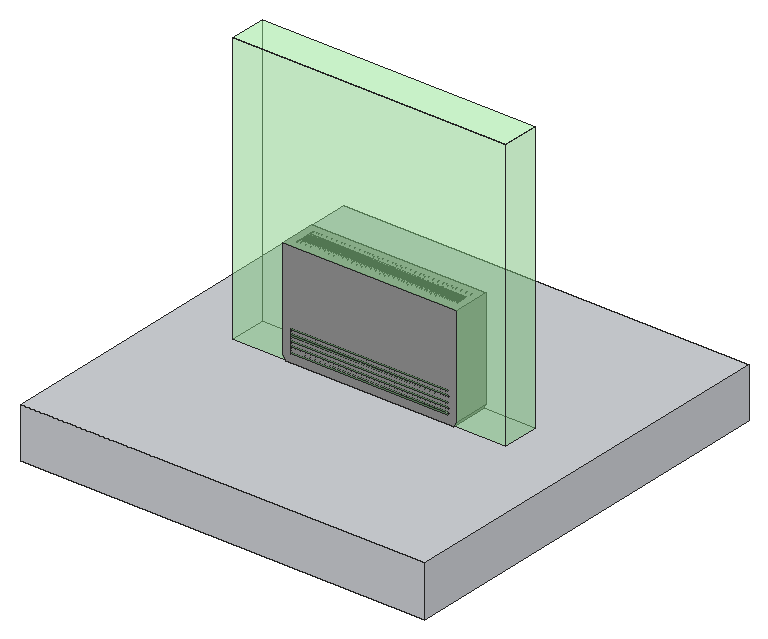
Revit family "BC_Hitachi_RPF-FSN2E-1.0-2.5_LOD400", category Equipement de génie climatique, Revit 2016
Family settings
  Hôte = Face
  Type d'élément = Normal
  Cote de connecteur circulaire = Utiliser le diamètre
  Numéro OmniClass = 23.75.00.00
  Titre OmniClass = Climate Control (HVAC)
  Couper avec des vides une fois chargée = Non
  Partagée = Non
  Point de calcul de pièce = Non
Parameters (values of type "RPF FSN2E 1.0")
  Usage Current = 5 A
  Sound power max (dB(A)) = 57
  Acoustic Pressure Level Medium (dB) = "32"
  Refrigerant = "R410A (factory-charged corrosion-proof nitrogen)"
  Product Code = "7E450001"
  Overall Width = 1045.00 mm
  Overall Height = 630.00 mm
  Overall Depth = 220.00 mm
  Outlet Diameter = 20.00 mm
  Number of Poles = "1"
  Nominal Voltage = 230 V
  Minimum AC Voltage = 207 V
  Maximum AC Voltage = 253 V
  Mass = 25.00 kg
  Operation and service space [instance] = yes
  Model = "RPF - FSN2E - Floor type"
  Minimum Air Flow = 6000.0 L/min
  Maximum Air Flow = 8500.0 L/min
  Void width = 157.00 mm
  Liquid Diameter = 6.35 mm
  Heating Capacity = 2.8 kW
  Gas Diameter = 12.70 mm
  Frequency = 50 Hz
  Fan motor input = 20 W
  Fabricant = "HITACHI"
  Default Elevation = 1219.20 mm
  Description = "RPF - FSN2E - Floor type"
  Cooling Capacity = 2.5 kW
  Commentaires du type = "RPF FSN2E 1.0"
  Color = "Spring white (4.1Y8.5/0.7)"
  Air Flow (HiH/Hi/Me/low) m3/min = "8.5/7/6"
  Acoustic Pressure Level Mini (dB) = 29
  Acoustic Pressure Level Maxi (dB) = 35
Types (4, lengths in mm): name | Sound power max (dB(A)) | Acoustic Pressure Level Medium (dB) | Product Code | Overall Width | Mass | Minimum Air Flow | Maximum Air Flow | Liquid Diameter | Heating Capacity | Gas Diameter | Fan motor input | Cooling Capacity | Commentaires du type | Air Flow (HiH/Hi/Me/low) m3/min | Acoustic Pressure Level Mini (dB) | Acoustic Pressure Level Maxi (dB)
  RPF FSN2E 1.0 | 57 | "32" | "7E450001" | 1045.00 | 25.00 kg | 6000.0 L/min | 8500.0 L/min | 6.35 | 2.8 kW | 12.70 | 20 W | 2.5 kW | "RPF FSN2E 1.0" | "8.5/7/6" | 29 | 35
  RPF FSN2E 2.5 | 60 | "38" | "7E450004" | 1420.00 | 34.00 kg | 11000.0 L/min | 16000.0 L/min | 9.52 | 6.3 kW | 15.88 | 45 W | 5.6 kW | "RPF FSN2E 2.5" | "16/14/11" | 34 | 42
  RPF FSN2E 2.0 | 60 | "36" | "7E450003" | 1420.00 | 33.00 kg | 11000.0 L/min | 16000.0 L/min | 6.35 | 5.6 kW | 12.70 | 45 W | 5 kW | "RPF FSN2E 2.0" | "16/14/11" | 32 | 39
  RPF FSN2E 1.5 | 60 | "35" | "7E450002" | 1170.00 | 28.00 kg | 6000.0 L/min | 8500.0 L/min | 6.35 | 4 kW | 12.70 | 28 W | 3.6 kW | "RPF FSN2E 1.5" | "8.5/7/6" | 31 | 38
Reference planes
  plane 1 "Centre (avant/arrière)": y = 0
  plane 2: z = 0
  plane 3 "Centre (gauche/droite)": x = 0
  plane 4 "AVANT": y = 110
  plane 5 "DROITE": x = 522.5
  plane 6 "GAUCHE": x = -522.5
  plane 7 "ARRIERE": y = -110
  plane 8: z = -285
  plane 9 "AVANT FACADE": y = 522.5
  plane 10 "ARRIER FACADE": y = -522.5
  plane 11 "GAUCHE FACADE": x = -310
  plane 12 "DROIT FACADE": x = 332.5
  plane 13 "Facade": z = 630
  plane 14: x = 359.5
  plane 15: x = 366.5
  plane 16: x = 340.5
  plane 17: y = 78.5
  plane 18: y = -78.5
  plane 19 "L1": z = 1630
  plane 20 "A": x = -822.5
  plane 21 "B": x = 822.5
  plane 22 "Top": z = 630
Forms (mm)
  Extrusion 1, solid
    sketch origin (0, 0, 0) x (1, 0, 0) y (0, 1, 0)
      loop
        line (-1219.2, 1219.2) -> (-1219.2, -1219.2) -> (1219.2, -1219.2) -> (1219.2, 1219.2) -> (-1219.2, 1219.2)
    from 0 to -304.8
  Extrusion 2, solid, material "Plastic, Opaque White"
    sketch origin (0, 0, 0) x (1, 0, 0) y (0, 1, 0)
      loop
        line (-522.5, -110) -> (522.5, -110) -> (522.5, 110) -> (-522.5, 110) -> (-522.5, -110)
    from 0 to 630
  Extrusion 3, void
    sketch origin (0, 110, 0) x (-1, 0, 0) y (0, 0, 1)
      loop
        line (-332.5, 20) -> (-332.5, 604.963) -> (-510.476, 604.963) -> (-510.476, 20) -> (-332.5, 20)
    from -188.5 to -31.5
  Extrusion 4, solid, material "Copper"
    sketch origin (332.5, 0, 0) x (0, 1, 0) y (0, 0, 1)
      loop
        circle (58, 529) r 3.175
    from 0 to 27
  Extrusion 5, solid, material "Copper"
    sketch origin (332.5, 0, -90) x (0, 1, 0) y (0, 0, 1)
      loop
        circle (-23, 478) r 6.35
    from 0 to 34
  Extrusion 6, solid, material "Plastic, Opaque White"
    sketch origin (332.5, 0, -210) x (0, 1, 0) y (0, 0, 1)
      loop
        circle (-24, 476) r 10
    from 0 to 8
  Extrusion 7, void
    sketch origin (0, 110, 0) x (-1, 0, 0) y (0, 0, 1)
      loop
        line (522.5, 0) -> (522.5, 25) -> (508.066, 0) -> (522.5, 0)
      loop
        line (-522.5, 0) -> (-508.066, 0) -> (-522.5, 25) -> (-522.5, 0)
    from -220 to 0
  Extrusion 8, void
    sketch origin (0, -110, 0) x (1, 0, 0) y (0, 0, 1)
      loop
        line (-477.5, 185.361) -> (-477.5, 177.361) -> (477.5, 177.361) -> (477.5, 185.361) -> (-477.5, 185.361)
      loop
        line (-477.5, 172.361) -> (-477.5, 164.361) -> (477.5, 164.361) -> (477.5, 172.361) -> (-477.5, 172.361)
      loop
        line (-477.5, 159.361) -> (-477.5, 151.361) -> (477.5, 151.361) -> (477.5, 159.361) -> (-477.5, 159.361)
      loop
        line (-477.5, 146.361) -> (-477.5, 138.361) -> (477.5, 138.361) -> (477.5, 146.361) -> (-477.5, 146.361)
      loop
        line (-477.5, 133.361) -> (-477.5, 125.361) -> (477.5, 125.361) -> (477.5, 133.361) -> (-477.5, 133.361)
      loop
        line (-477.5, 120.361) -> (-477.5, 112.361) -> (477.5, 112.361) -> (477.5, 120.361) -> (-477.5, 120.361)
      loop
        line (-477.5, 107.361) -> (-477.5, 99.361) -> (477.5, 99.361) -> (477.5, 107.361) -> (-477.5, 107.361)
      loop
        line (-477.5, 94.361) -> (-477.5, 86.361) -> (477.5, 86.361) -> (477.5, 94.361) -> (-477.5, 94.361)
      loop
        line (-477.5, 81.361) -> (-477.5, 73.361) -> (477.5, 73.361) -> (477.5, 81.361) -> (-477.5, 81.361)
      loop
        line (-477.5, 68.361) -> (-477.5, 60.361) -> (477.5, 60.361) -> (477.5, 68.361) -> (-477.5, 68.361)
      loop
        line (-477.5, 55.561) -> (-477.5, 47.361) -> (477.5, 47.361) -> (477.5, 55.561) -> (-477.5, 55.561)
    from 0 to -45
  Extrusion 9, void
    sketch origin (0, 0, 630) x (1, 0, 0) y (0, 1, 0)
      loop
        line (-477.5, 65) -> (-477.5, 57) -> (477.5, 57) -> (477.5, 65) -> (-477.5, 65)
      loop
        line (-477.5, 54) -> (-477.5, 46) -> (477.5, 46) -> (477.5, 54) -> (-477.5, 54)
      loop
        line (-477.5, 43) -> (-477.5, 35) -> (477.5, 35) -> (477.5, 43) -> (-477.5, 43)
      loop
        line (-477.5, 32) -> (-477.5, 24) -> (477.5, 24) -> (477.5, 32) -> (-477.5, 32)
      loop
        line (-477.5, 21) -> (-477.5, 13) -> (477.5, 13) -> (477.5, 21) -> (-477.5, 21)
      loop
        line (-477.5, 10) -> (-477.5, 2) -> (477.5, 2) -> (477.5, 10) -> (-477.5, 10)
      loop
        line (-477.5, -1) -> (-477.5, -9) -> (477.5, -9) -> (477.5, -1) -> (-477.5, -1)
      loop
        line (-477.5, -12) -> (-477.5, -20) -> (477.5, -20) -> (477.5, -12) -> (-477.5, -12)
      loop
        line (-477.5, -23) -> (-477.5, -31) -> (477.5, -31) -> (477.5, -23) -> (-477.5, -23)
      loop
        line (-477.5, -34) -> (-477.5, -42) -> (477.5, -42) -> (477.5, -34) -> (-477.5, -34)
      loop
        line (-477.5, -45) -> (-477.5, -53) -> (477.5, -53) -> (477.5, -45) -> (-477.5, -45)
      loop
        line (-477.5, -56) -> (-477.5, -62.955) -> (477.5, -62.955) -> (477.5, -56) -> (-477.5, -56)
    from 0 to -50
  Extrusion 10, solid, material "Operation and service space"
    sketch origin (0, 0, 0) x (1, 0, 0) y (0, 1, 0)
      loop
        line (-822.5, 110) -> (-822.5, -110) -> (822.5, -110) -> (822.5, 110) -> (-822.5, 110)
    from 0 to 1630
Cuts and joins
  Extrusion 3, Extrusion 7, Extrusion 8, Extrusion 9 cuts Extrusion 2
Lines and regions (mm)
  model lines
    curve 1: line (-477.5, -110, 45.361) -> (477.5, -110, 45.361)
    curve 2: line (477.5, -110, 185.361) -> (-477.5, -110, 185.361)
    curve 3: line (-477.5, -110, 185.361) -> (-477.5, -110, 45.361)
    curve 4: line (477.5, -110, 185.361) -> (477.5, -110, 45.361)
    curve 5: line (-477.5, 65, 630) -> (477.5, 65, 630)
    curve 6: line (-477.5, -65, 630) -> (-477.5, 65, 630)
    curve 7: line (477.5, -65, 630) -> (-477.5, -65, 630)
    curve 8: line (477.5, 65, 630) -> (477.5, -65, 630)
    curve 21: line (-477.5, -110, 177.361) -> (477.5, -110, 177.361)
    curve 22: line (-477.5, -110, 172.561) -> (477.5, -110, 172.561)
    curve 23: line (-477.5, -110, 164.361) -> (477.5, -110, 164.361)
    curve 24: line (-477.5, -110, 159.561) -> (477.5, -110, 159.561)
    curve 25: line (-477.5, -110, 151.361) -> (477.5, -110, 151.361)
    curve 26: line (-477.5, -110, 146.561) -> (477.5, -110, 146.561)
    curve 27: line (-477.5, -110, 138.361) -> (477.5, -110, 138.361)
    curve 28: line (-477.5, -110, 133.561) -> (477.5, -110, 133.561)
    curve 29: line (-477.5, -110, 125.361) -> (477.5, -110, 125.361)
    curve 30: line (-477.5, -110, 120.561) -> (477.5, -110, 120.561)
    curve 31: line (-477.5, -110, 112.361) -> (477.5, -110, 112.361)
    curve 32: line (-477.5, -110, 107.561) -> (477.5, -110, 107.561)
    curve 33: line (-477.5, -110, 99.361) -> (477.5, -110, 99.361)
    curve 34: line (-477.5, -110, 94.561) -> (477.5, -110, 94.561)
    curve 35: line (-477.5, -110, 86.361) -> (477.5, -110, 86.361)
    curve 36: line (-477.5, -110, 81.561) -> (477.5, -110, 81.561)
    curve 37: line (-477.5, -110, 73.361) -> (477.5, -110, 73.361)
    curve 38: line (-477.5, -110, 68.561) -> (477.5, -110, 68.561)
    curve 39: line (-477.5, -110, 60.361) -> (477.5, -110, 60.361)
    curve 40: line (-477.5, -110, 55.561) -> (477.5, -110, 55.561)
    curve 41: line (-477.5, -110, 47.361) -> (477.5, -110, 47.361)
    curve 42: line (-477.5, 57, 630) -> (477.5, 57, 630)
    curve 43: line (-477.5, 54, 630) -> (477.5, 54, 630)
    curve 44: line (-477.5, 46, 630) -> (477.5, 46, 630)
    curve 45: line (-477.5, 43, 630) -> (477.5, 43, 630)
    curve 46: line (-477.5, 35, 630) -> (477.5, 35, 630)
    curve 47: line (-477.5, 32, 630) -> (477.5, 32, 630)
    curve 48: line (-477.5, 24, 630) -> (477.5, 24, 630)
    curve 49: line (-477.5, 21, 630) -> (477.5, 21, 630)
    curve 50: line (-477.5, 13, 630) -> (477.5, 13, 630)
    curve 51: line (-477.5, 10, 630) -> (477.5, 10, 630)
    curve 52: line (-477.5, 2, 630) -> (477.5, 2, 630)
    curve 53: line (-477.5, -1, 630) -> (477.5, -1, 630)
    curve 54: line (-477.5, -9, 630) -> (477.5, -9, 630)
    curve 55: line (-477.5, -12, 630) -> (477.5, -12, 630)
    curve 56: line (-477.5, -20, 630) -> (477.5, -20, 630)
    curve 57: line (-477.5, -23, 630) -> (477.5, -23, 630)
    curve 58: line (-477.5, -31, 630) -> (477.5, -31, 630)
    curve 59: line (-477.5, -34, 630) -> (477.5, -34, 630)
    curve 60: line (-477.5, -42, 630) -> (477.5, -42, 630)
    curve 61: line (-477.5, -45, 630) -> (477.5, -45, 630)
    curve 62: line (-477.5, -53, 630) -> (477.5, -53, 630)
    curve 63: line (-477.5, -56, 630) -> (477.5, -56, 630)
    curve 64: line (-477.5, -62.955, 630) -> (477.5, -62.955, 630)
  model lines, style "MechanicalEquipmentHiddenLines", visible <- "Operation and service space"
    curve 9: line (-822.5, 110, 1630) -> (822.5, 110, 1630)
    curve 10: line (-822.5, -110, 1630) -> (-822.5, 110, 1630)
    curve 11: line (822.5, -110, 1630) -> (-822.5, -110, 1630)
    curve 12: line (822.5, 110, 1630) -> (822.5, -110, 1630)
    curve 13: line (-822.5, 110, 0) -> (822.5, 110, 0)
    curve 14: line (-822.5, -110, 0) -> (-822.5, 110, 0)
    curve 15: line (822.5, -110, 0) -> (-822.5, -110, 0)
    curve 16: line (822.5, 110, 0) -> (822.5, -110, 0)
    curve 17: line (-822.5, -110, 1630) -> (-822.5, -110, 0)
    curve 18: line (-822.5, 110, 1630) -> (-822.5, 110, 0)
    curve 19: line (822.5, -110, 1630) -> (822.5, -110, 0)
    curve 20: line (822.5, 110, 0) -> (822.5, 110, 1630)
Dimensions and locks
  equal spacing: plane 6 "GAUCHE", plane 3 "Centre (gauche/droite)", plane 5 "DROITE"
  equal spacing: plane 7 "ARRIERE", plane 1 "Centre (avant/arrière)", plane 4 "AVANT"
  "Overall Width": plane 6 "GAUCHE" to plane 5 "DROITE"
  "Overall Depth": plane 4 "AVANT" to plane 7 "ARRIERE"
  "Overall Height": plane 13 "Facade" to plane 2
  plane 12 "DROIT FACADE" to plane 5 "DROITE" = 190.00 mm
  Extrusion 4 sketch curve to plane 4 "AVANT" = 52.00 mm
  Extrusion 4 sketch curve to plane 2 = 529.00 mm
  Extrusion 5 sketch curve to plane 2 = 388.00 mm
  Extrusion 5 sketch curve to plane 4 "AVANT" = 133.00 mm
  Extrusion 6 sketch curve to plane 2 = 266.00 mm
  Extrusion 6 sketch curve to plane 4 "AVANT" = 134.00 mm
  plane 14 to plane 5 "DROITE" = 163.00 mm
  plane 15 to plane 5 "DROITE" = 156.00 mm
  plane 16 to plane 5 "DROITE" = 182.00 mm
  "Void width": plane 17 to plane 18
  equal spacing: plane 18, plane 1 "Centre (avant/arrière)", plane 17
  locked: curve 2 to curve 1 at 140
  curve 1 to Extrusion 1 = 45.361 mm
  locked: cut or joined group of Extrusion 2, Extrusion 3, Extrusion 7, Extrusion 8, Extrusion 9 to curve 3 at 45
  locked: cut or joined group of Extrusion 2, Extrusion 3, Extrusion 7, Extrusion 8, Extrusion 9 to curve 4 at 45
  equal spacing: curve 5, plane 1 "Centre (avant/arrière)", curve 7
  equal spacing: curve 6, plane 3 "Centre (gauche/droite)", curve 8
  locked: cut or joined group of Extrusion 2, Extrusion 3, Extrusion 7, Extrusion 8, Extrusion 9 to curve 5 at 45
  locked: cut or joined group of Extrusion 2, Extrusion 3, Extrusion 7, Extrusion 8, Extrusion 9 to curve 6 at 45
  locked: plane 6 "GAUCHE" to plane 20 "A" at 300
  locked: plane 21 "B" to plane 5 "DROITE" at 300
  locked: plane 19 "L1" to plane 13 "Facade" at 1000
  curve 2 to curve 21 = 8.00 mm
  "Liquid Diameter": diameter of Extrusion 4 sketch curve
  "Gas Diameter": diameter of Extrusion 5 sketch curve
  "Outlet Diameter": diameter of Extrusion 6 sketch curve
  aligned and locked: plane 2 to Extrusion 1
  aligned and locked: level to Extrusion 1
  aligned and locked: Extrusion 2 sketch curve to plane 6 "GAUCHE"
  aligned and locked: Extrusion 2 sketch curve to plane 7 "ARRIERE"
  aligned and locked: Extrusion 2 sketch curve to plane 5 "DROITE"
  aligned and locked: Extrusion 2 to plane 13 "Facade"
  aligned and locked: plane 12 "DROIT FACADE" to Extrusion 3 sketch curve
  aligned and locked: plane 14 to Extrusion 4
  aligned and locked: plane 15 to Extrusion 5
  aligned and locked: plane 16 to Extrusion 6
  aligned and locked: plane 17 to Extrusion 3
  aligned and locked: plane 18 to Extrusion 3
  aligned and locked: plane 7 "ARRIERE" to Extrusion 7
  aligned and locked: plane 4 "AVANT" to Extrusion 7
  aligned and locked: curve 13 to plane 4 "AVANT"
  aligned and locked: plane 20 "A" to curve 14
  aligned and locked: curve 15 to plane 7 "ARRIERE"
  aligned and locked: curve 16 to plane 21 "B"
  aligned and locked: curve 17 to curve 14
  aligned and locked: Extrusion 8 sketch curve to curve 2
  aligned and locked: Extrusion 8 sketch curve to curve 3  (x3)
  aligned and locked: Extrusion 8 sketch curve to curve 4
  aligned and locked: Extrusion 8 sketch curve to curve 21
  aligned and locked: Extrusion 8 sketch curve to curve 40
  aligned and locked: curve 4 to Extrusion 8 sketch curve  (x10)
  aligned and locked: Extrusion 9 sketch curve to curve 5
  aligned and locked: curve 6 to Extrusion 9 sketch curve  (x2)
  aligned and locked: Extrusion 9 sketch curve to curve 42
  aligned and locked: Extrusion 9 sketch curve to curve 8
  aligned and locked: Extrusion 9 sketch curve to curve 63
  aligned and locked: Extrusion 9 sketch curve to curve 64
  aligned and locked: curve 8 to Extrusion 9 sketch curve  (x11)
  aligned and locked: Extrusion 10 sketch curve to curve 13
  aligned and locked: Extrusion 10 sketch curve to curve 14
  aligned and locked: Extrusion 10 sketch curve to curve 15
  aligned and locked: Extrusion 10 sketch curve to curve 16
  aligned and locked: plane 19 "L1" to Extrusion 10
Automatic sketch dimensions
  Extrusion 1 sketch curve to Extrusion 1 sketch curve = 2438.40 mm  (x2)
  Extrusion 7 sketch curve to level = 0.00 mm  (x2)
  Extrusion 7 sketch curve to plane 5 "DROITE" = 0.00 mm
  plane 6 "GAUCHE" to Extrusion 7 sketch curve = 0.00 mm
  Extrusion 7 sketch curve to plane 5 "DROITE" = 14.434 mm
  Extrusion 7 sketch curve to plane 6 "GAUCHE" = 14.434 mm
  Extrusion 7 sketch curve to Extrusion 7 sketch curve = 25.00 mm
  level to Extrusion 7 sketch curve = 25.00 mm
  Extrusion 2 sketch curve to plane 4 "AVANT" = 0.00 mm
  Extrusion 3 sketch curve to plane 5 "DROITE" = 12.024 mm
  level to Extrusion 3 sketch curve = 20.00 mm
  Extrusion 3 sketch curve to plane 13 "Facade" = 25.037 mm
  curve 1 to curve 41 = 2.00 mm
  curve 41 to curve 40 = 8.20 mm
  curve 40 to curve 39 = 4.80 mm
  curve 39 to curve 38 = 8.20 mm
  curve 38 to curve 37 = 4.80 mm
  curve 37 to curve 36 = 8.20 mm
  curve 36 to curve 35 = 4.80 mm
  curve 35 to curve 34 = 8.20 mm
  curve 34 to curve 33 = 4.80 mm
  curve 33 to curve 32 = 8.20 mm
  curve 32 to curve 31 = 4.80 mm
  curve 31 to curve 30 = 8.20 mm
  curve 30 to curve 29 = 4.80 mm
  curve 29 to curve 28 = 8.20 mm
  curve 28 to curve 27 = 4.80 mm
  curve 27 to curve 26 = 8.20 mm
  curve 26 to curve 25 = 4.80 mm
  curve 25 to curve 24 = 8.20 mm
  curve 24 to curve 23 = 4.80 mm
  curve 22 to curve 21 = 4.80 mm
  curve 9 to plane 4 "AVANT" = 0.00 mm
  curve 9 to plane 21 "B" = 0.00 mm
  plane 7 "ARRIERE" to curve 11 = 0.00 mm
  curve 11 to plane 20 "A" = 0.00 mm
  curve 18 to level = 0.00 mm
  curve 18 to plane 4 "AVANT" = 0.00 mm
  curve 18 to plane 19 "L1" = 0.00 mm
  curve 17 to plane 7 "ARRIERE" = 0.00 mm
  curve 17 to plane 19 "L1" = 0.00 mm
  curve 19 to level = 0.00 mm
  curve 20 to level = 0.00 mm
  curve 20 to plane 4 "AVANT" = 0.00 mm
  curve 20 to plane 19 "L1" = 0.00 mm
  curve 19 to plane 7 "ARRIERE" = 0.00 mm
  curve 19 to plane 19 "L1" = 0.00 mm
  Extrusion 8 sketch curve to Extrusion 8 sketch curve = 0.00 mm  (x8)
  Extrusion 8 sketch curve to Extrusion 8 sketch curve = 8.20 mm
  Extrusion 8 sketch curve to Extrusion 8 sketch curve = 4.80 mm
  Extrusion 8 sketch curve to Extrusion 8 sketch curve = 8.00 mm  (x8)
  Extrusion 8 sketch curve to Extrusion 8 sketch curve = 5.00 mm  (x9)
  curve 42 to plane 17 = 21.50 mm
  curve 42 to plane 5 "DROITE" = 45.00 mm
  curve 62 to plane 5 "DROITE" = 45.00 mm
  curve 43 to curve 42 = 0.00 mm
  curve 61 to curve 62 = 0.00 mm
  curve 44 to curve 43 = 0.00 mm
  curve 60 to curve 61 = 0.00 mm
  curve 45 to curve 44 = 0.00 mm
  curve 59 to curve 60 = 0.00 mm
  curve 46 to curve 45 = 0.00 mm
  curve 58 to curve 59 = 0.00 mm
  curve 47 to curve 46 = 0.00 mm
  curve 57 to curve 58 = 0.00 mm
  curve 48 to curve 47 = 0.00 mm
  curve 56 to curve 57 = 0.00 mm
  curve 49 to curve 48 = 0.00 mm
  curve 55 to curve 56 = 0.00 mm
  curve 50 to curve 49 = 0.00 mm
  curve 54 to curve 55 = 0.00 mm
  curve 51 to curve 50 = 0.00 mm
  plane 1 "Centre (avant/arrière)" to curve 53 = 1.00 mm
  curve 53 to curve 54 = 0.00 mm
  curve 64 to plane 18 = 15.545 mm
  curve 64 to plane 6 "GAUCHE" = 45.00 mm
  curve 53 to plane 6 "GAUCHE" = 45.00 mm
  curve 52 to curve 53 = 0.00 mm  (x2)
  curve 54 to curve 53 = 0.00 mm
  curve 51 to curve 52 = 0.00 mm
  curve 55 to curve 54 = 0.00 mm
  curve 50 to curve 51 = 0.00 mm
  curve 56 to curve 55 = 0.00 mm
  curve 49 to curve 50 = 0.00 mm
  curve 57 to curve 56 = 0.00 mm
  curve 48 to curve 49 = 0.00 mm
  curve 58 to curve 57 = 0.00 mm
  curve 47 to curve 48 = 0.00 mm
  curve 59 to curve 58 = 0.00 mm
  curve 46 to curve 47 = 0.00 mm
  curve 60 to curve 59 = 0.00 mm
  curve 45 to curve 46 = 0.00 mm
  curve 61 to curve 60 = 0.00 mm
  curve 44 to curve 45 = 0.00 mm
  curve 62 to curve 61 = 0.00 mm
  curve 43 to curve 44 = 0.00 mm
  curve 63 to curve 62 = 0.00 mm  (x2)
  curve 42 to curve 43 = 0.00 mm
  curve 64 to curve 63 = 0.00 mm
  curve 43 to curve 42 = 3.00 mm
  curve 44 to curve 43 = 8.00 mm
  curve 45 to curve 44 = 3.00 mm
  curve 46 to curve 45 = 8.00 mm
  curve 47 to curve 46 = 3.00 mm
  curve 48 to curve 47 = 8.00 mm
  curve 49 to curve 48 = 3.00 mm
  curve 50 to curve 49 = 8.00 mm
  curve 51 to curve 50 = 3.00 mm
  curve 52 to plane 1 "Centre (avant/arrière)" = 2.00 mm
  curve 54 to curve 53 = 8.00 mm
  curve 55 to curve 54 = 3.00 mm
  curve 56 to curve 55 = 8.00 mm
  curve 57 to curve 56 = 3.00 mm
  curve 58 to curve 57 = 8.00 mm
  curve 59 to curve 58 = 3.00 mm
  curve 60 to curve 59 = 8.00 mm
  curve 61 to curve 60 = 3.00 mm
  curve 62 to curve 61 = 8.00 mm
  curve 63 to curve 62 = 3.00 mm
  Extrusion 9 sketch curve to Extrusion 9 sketch curve = 0.00 mm  (x10)
  Extrusion 9 sketch curve to plane 1 "Centre (avant/arrière)" = 2.00 mm
  plane 1 "Centre (avant/arrière)" to Extrusion 9 sketch curve = 1.00 mm
  Extrusion 9 sketch curve to Extrusion 9 sketch curve = 3.00 mm  (x10)
  Extrusion 9 sketch curve to Extrusion 9 sketch curve = 8.00 mm  (x8)
Connectors
  piping at (359.5, 58, 529), diameter 6.35, driven by "Liquid Diameter"
    settings: on Extrusion 4, index 1, connector inside diameter 609.6 mm, connector length 0.00 mm, flow factor 0, pipe flow 0.0 L/s, pressure drop 0.0 Pa, fitting loss kfactor 0, connector angle 0.00°, fixture units 0, engagement length 0.00 mm, angle of deflection 0.00°, flow configuration 0, flow direction 0, fitting loss method 0, system type 29, joint type 0, gender type 0, connector reference index -1, connector utility 0, adjustable connector no, is connector primary yes, connector description ""
  piping at (366.5, -23, 388), diameter 12.7, driven by "Gas Diameter"
    settings: on Extrusion 5, index 2, connector inside diameter 609.6 mm, connector length 0.00 mm, flow factor 0, pipe flow 0.0 L/s, pressure drop 0.0 Pa, fitting loss kfactor 0, connector angle 0.00°, fixture units 0, engagement length 0.00 mm, angle of deflection 0.00°, flow configuration 0, flow direction 0, fitting loss method 0, system type 29, joint type 0, gender type 0, connector reference index -1, connector utility 0, adjustable connector no, is connector primary no, connector description ""
  piping at (340.5, -24, 266), diameter 20, driven by "Outlet Diameter"
    settings: on Extrusion 6, index 3, connector inside diameter 609.6 mm, connector length 0.00 mm, flow factor 0, pipe flow 0.0 L/s, pressure drop 0.0 Pa, fitting loss kfactor 0, connector angle 0.00°, fixture units 0, engagement length 0.00 mm, angle of deflection 0.00°, flow configuration 0, flow direction 0, fitting loss method 0, system type 16, joint type 0, gender type 0, connector reference index -1, connector utility 0, adjustable connector no, is connector primary no, connector description ""
  electrical at (-522.5, 0, 327.5), driven by "Nominal Voltage"
    settings: on cut or joined group of Extrusion 2, Extrusion 3, Extrusion 7, Extrusion 8, Extrusion 9, index 4, voltage 230 V, apparent load 0 VA, apparent load phase1 0 VA, apparent load phase2 0 VA, apparent load phase3 0 VA, power factor 1, load classification "Autre", number of poles 1, system type 30, power factor state 1, is connector primary yes, connector utility no, sub classification motor no, connector description ""
